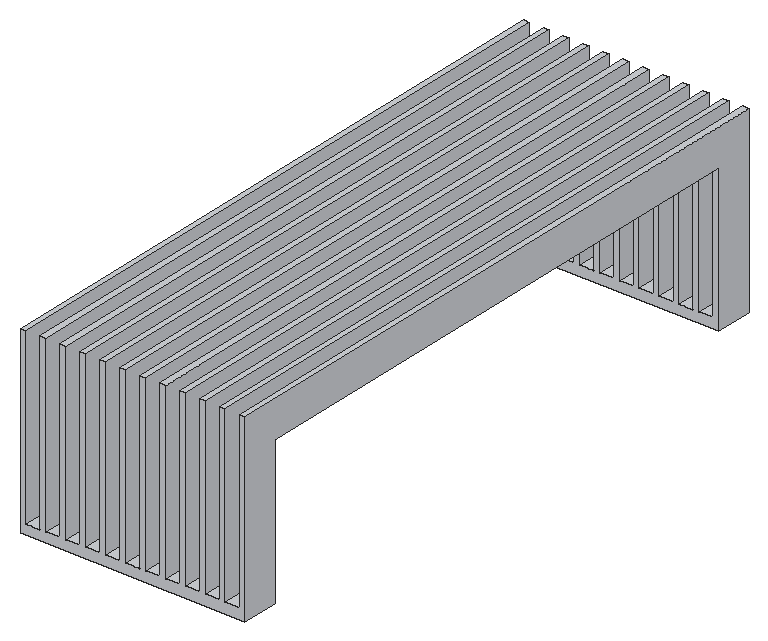
Revit family "LL12_R2016", category Generic Models, Revit 2016
Family settings
  Part Type = Normal
  Can host rebar = No
  Round Connector Dimension = Use Diameter
  OmniClass Number = 23.45.00.00
  OmniClass Title = Sanitary, Laundry, and Cleaning Equipment
  Work Plane-Based = No
  Always vertical = Yes
  Cut with Voids When Loaded = No
  Shared = No
  Room Calculation Point = No
Parameters
  Tube Length [instance] = 990 mm
  Length [instance] = 1200 mm
  Height = 350 mm
Reference planes
  plane 1: z = 0
  plane 2: z = 350
  plane 3: y = -26.341
  plane 4: y = -626.341
  plane 5: y = 573.659
Forms (mm)
  Extrusion 1, solid, not visible
    sketch origin (0, 0, 0) x (1, 0, 0) y (0, 1, 0)
      loop
        line (-495, -20) -> (-495, -31) -> (495, -31) -> (495, -20) -> (-495, -20)
    from 300 to 370
  Extrusion 2, solid, not visible
    sketch origin (0, 0, 0) x (1, 0, 0) y (0, 1, 0)
      loop
        line (-495, -20) -> (-495, -31) -> (495, -31) -> (495, -20) -> (-495, -20)
    from 300 to 370
  Extrusion 3, solid, not visible
    sketch origin (0, -24, 0) x (1, 0, 0) y (0, 1, 0)
      loop
        line (-495, -20) -> (-495, -31) -> (495, -31) -> (495, -20) -> (-495, -20)
    from 300 to 370
  Extrusion 4, solid, not visible
    sketch origin (0, -48, 0) x (1, 0, 0) y (0, 1, 0)
      loop
        line (-495, -20) -> (-495, -31) -> (495, -31) -> (495, -20) -> (-495, -20)
    from 300 to 370
  Extrusion 5, solid, not visible
    sketch origin (0, -72, 0) x (1, 0, 0) y (0, 1, 0)
      loop
        line (-495, -20) -> (-495, -31) -> (495, -31) -> (495, -20) -> (-495, -20)
    from 300 to 370
  Extrusion 6, solid, not visible
    sketch origin (0, -96, 0) x (1, 0, 0) y (0, 1, 0)
      loop
        line (-495, -20) -> (-495, -31) -> (495, -31) -> (495, -20) -> (-495, -20)
    from 300 to 370
  Extrusion 7, solid, not visible
    sketch origin (0, -120, 0) x (1, 0, 0) y (0, 1, 0)
      loop
        line (-495, -20) -> (-495, -31) -> (495, -31) -> (495, -20) -> (-495, -20)
    from 300 to 370
  Extrusion 8, solid, not visible
    sketch origin (0, -144, 0) x (1, 0, 0) y (0, 1, 0)
      loop
        line (-495, -20) -> (-495, -31) -> (495, -31) -> (495, -20) -> (-495, -20)
    from 300 to 370
  Extrusion 9, solid, not visible
    sketch origin (0, -168, 0) x (1, 0, 0) y (0, 1, 0)
      loop
        line (-495, -20) -> (-495, -31) -> (495, -31) -> (495, -20) -> (-495, -20)
    from 300 to 370
  Extrusion 10, solid, not visible
    sketch origin (0, -192, 0) x (1, 0, 0) y (0, 1, 0)
      loop
        line (-495, -20) -> (-495, -31) -> (495, -31) -> (495, -20) -> (-495, -20)
    from 300 to 370
  Extrusion 11, solid, not visible
    sketch origin (0, -216, 0) x (1, 0, 0) y (0, 1, 0)
      loop
        line (-495, -20) -> (-495, -31) -> (495, -31) -> (495, -20) -> (-495, -20)
    from 300 to 370
  Extrusion 12, solid, not visible
    sketch origin (0, -240, 0) x (1, 0, 0) y (0, 1, 0)
      loop
        line (-495, -20) -> (-495, -31) -> (495, -31) -> (495, -20) -> (-495, -20)
    from 300 to 370
  Extrusion 13, solid, not visible
    sketch origin (0, -264, 0) x (1, 0, 0) y (0, 1, 0)
      loop
        line (-495, -20) -> (-495, -31) -> (495, -31) -> (495, -20) -> (-495, -20)
    from 300 to 370
  Extrusion 14, solid, not visible
    sketch origin (0, -288, 0) x (1, 0, 0) y (0, 1, 0)
      loop
        line (-495, -20) -> (-495, -31) -> (495, -31) -> (495, -20) -> (-495, -20)
    from 300 to 370
  Extrusion 15, solid, not visible
    sketch origin (0, -312, 0) x (1, 0, 0) y (0, 1, 0)
      loop
        line (-495, -20) -> (-495, -31) -> (495, -31) -> (495, -20) -> (-495, -20)
    from 300 to 370
  Extrusion 16, solid
    sketch origin (0, 0, 0) x (0, 1, 0) y (0, 0, 1)
      loop
        line (573.659, 0) -> (573.659, 350) -> (-626.341, 350) -> (-626.341, 0) -> (-556.341, 0) -> (-556.341, 280) -> (503.659, 280) -> (503.659, 0) -> (573.659, 0)
    from 0 to 11
  Extrusion 17, solid
    sketch origin (38, 0, 0) x (0, 1, 0) y (0, 0, 1)
      loop
        line (573.659, 0) -> (573.659, 350) -> (-626.341, 350) -> (-626.341, 0) -> (-556.341, 0) -> (-556.341, 280) -> (503.659, 280) -> (503.659, 0) -> (573.659, 0)
    from 0 to 11
  Extrusion 18, solid
    sketch origin (76, 0, 0) x (0, 1, 0) y (0, 0, 1)
      loop
        line (573.659, 0) -> (573.659, 350) -> (-626.341, 350) -> (-626.341, 0) -> (-556.341, 0) -> (-556.341, 280) -> (503.659, 280) -> (503.659, 0) -> (573.659, 0)
    from 0 to 11
  Extrusion 19, solid
    sketch origin (114, 0, 0) x (0, 1, 0) y (0, 0, 1)
      loop
        line (573.659, 0) -> (573.659, 350) -> (-626.341, 350) -> (-626.341, 0) -> (-556.341, 0) -> (-556.341, 280) -> (503.659, 280) -> (503.659, 0) -> (573.659, 0)
    from 0 to 11
  Extrusion 20, solid
    sketch origin (152, 0, 0) x (0, 1, 0) y (0, 0, 1)
      loop
        line (573.659, 0) -> (573.659, 350) -> (-626.341, 350) -> (-626.341, 0) -> (-556.341, 0) -> (-556.341, 280) -> (503.659, 280) -> (503.659, 0) -> (573.659, 0)
    from 0 to 11
  Extrusion 21, solid
    sketch origin (190, 0, 0) x (0, 1, 0) y (0, 0, 1)
      loop
        line (573.659, 0) -> (573.659, 350) -> (-626.341, 350) -> (-626.341, 0) -> (-556.341, 0) -> (-556.341, 280) -> (503.659, 280) -> (503.659, 0) -> (573.659, 0)
    from 0 to 11
  Extrusion 22, solid
    sketch origin (228, 0, 0) x (0, 1, 0) y (0, 0, 1)
      loop
        line (573.659, 0) -> (573.659, 350) -> (-626.341, 350) -> (-626.341, 0) -> (-556.341, 0) -> (-556.341, 280) -> (503.659, 280) -> (503.659, 0) -> (573.659, 0)
    from 0 to 11
  Extrusion 23, solid
    sketch origin (0, 0, 0) x (1, 0, 0) y (0, 1, 0)
      loop
        line (0, -626.341) -> (429, -626.341) -> (429, -556.341) -> (0, -556.341) -> (0, -626.341)
      loop
        line (0, 503.659) -> (429, 503.659) -> (429, 573.659) -> (0, 573.659) -> (0, 503.659)
    from 0 to 20
  Extrusion 24, solid
    sketch origin (266, 0, 0) x (0, 1, 0) y (0, 0, 1)
      loop
        line (573.659, 0) -> (573.659, 350) -> (-626.341, 350) -> (-626.341, 0) -> (-556.341, 0) -> (-556.341, 280) -> (503.659, 280) -> (503.659, 0) -> (573.659, 0)
    from 0 to 11
  Extrusion 25, solid
    sketch origin (304, 0, 0) x (0, 1, 0) y (0, 0, 1)
      loop
        line (573.659, 0) -> (573.659, 350) -> (-626.341, 350) -> (-626.341, 0) -> (-556.341, 0) -> (-556.341, 280) -> (503.659, 280) -> (503.659, 0) -> (573.659, 0)
    from 0 to 11
  Extrusion 26, solid
    sketch origin (342, 0, 0) x (0, 1, 0) y (0, 0, 1)
      loop
        line (573.659, 0) -> (573.659, 350) -> (-626.341, 350) -> (-626.341, 0) -> (-556.341, 0) -> (-556.341, 280) -> (503.659, 280) -> (503.659, 0) -> (573.659, 0)
    from 0 to 11
  Extrusion 27, solid
    sketch origin (380, 0, 0) x (0, 1, 0) y (0, 0, 1)
      loop
        line (573.659, 0) -> (573.659, 350) -> (-626.341, 350) -> (-626.341, 0) -> (-556.341, 0) -> (-556.341, 280) -> (503.659, 280) -> (503.659, 0) -> (573.659, 0)
    from 0 to 11
  Extrusion 28, solid
    sketch origin (418, 0, 0) x (0, 1, 0) y (0, 0, 1)
      loop
        line (573.659, 0) -> (573.659, 350) -> (-626.341, 350) -> (-626.341, 0) -> (-556.341, 0) -> (-556.341, 280) -> (503.659, 280) -> (503.659, 0) -> (573.659, 0)
    from 0 to 11
Cuts and joins
  joined: Extrusion 16, Extrusion 17, Extrusion 18, Extrusion 19, Extrusion 20, Extrusion 21, Extrusion 22, Extrusion 23, Extrusion 24, Extrusion 25, Extrusion 26, Extrusion 27, Extrusion 28
Lines and regions (mm)
  reference lines
    curve 1: line (0, 665.378, 280) -> (0, -754.622, 280)
    curve 2: line (0, 503.659, 411.424) -> (0, 503.659, -138.576)
    curve 3: line (0, -556.341, 388.061) -> (0, -556.341, -81.939)
Dimensions and locks
  locked: Extrusion 1 sketch curve to Extrusion 1 sketch curve at 11
  locked: Extrusion 2 sketch curve to Extrusion 2 sketch curve at 11
  locked: Extrusion 3 sketch curve to Extrusion 3 sketch curve at 11
  equal spacing: group 2, group 3, group 4, group 5, group 6, group 7, group 8, group 9, group 10, group 11, group 12, group 13, group 14, group 15  (x2)
  equal spacing: group 15, group 14, group 13, group 12, group 11, group 10, group 9, group 8, group 7, group 6, group 5, group 4, group 3, group 2
  locked: Extrusion 4 sketch curve to Extrusion 4 sketch curve at 11
  locked: Extrusion 5 sketch curve to Extrusion 5 sketch curve at 11
  locked: Extrusion 6 sketch curve to Extrusion 6 sketch curve at 11
  locked: Extrusion 7 sketch curve to Extrusion 7 sketch curve at 11
  locked: Extrusion 8 sketch curve to Extrusion 8 sketch curve at 11
  locked: Extrusion 9 sketch curve to Extrusion 9 sketch curve at 11
  locked: Extrusion 10 sketch curve to Extrusion 10 sketch curve at 11
  locked: Extrusion 11 sketch curve to Extrusion 11 sketch curve at 11
  locked: Extrusion 12 sketch curve to Extrusion 12 sketch curve at 11
  locked: Extrusion 13 sketch curve to Extrusion 13 sketch curve at 11
  locked: Extrusion 14 sketch curve to Extrusion 14 sketch curve at 11
  locked: Extrusion 15 sketch curve to Extrusion 15 sketch curve at 11
  "Height": plane 2 to level
  equal spacing: plane 5, plane 3, plane 4
  "Length": plane 5 to plane 4
  locked: plane 2 to curve 1 at 70
  locked: curve 3 to plane 4 at 70
  locked: plane 5 to curve 2 at 70
  aligned and locked: level to plane 1
  aligned and locked: Extrusion 16 sketch curve to plane 2
  aligned and locked: Extrusion 16 sketch curve to plane 4
  aligned and locked: level to Extrusion 16 sketch curve  (x2)
  aligned and locked: Extrusion 16 sketch curve to curve 3
  aligned and locked: Extrusion 16 sketch curve to curve 1
  aligned and locked: curve 2 to Extrusion 16 sketch curve
  aligned and locked: Extrusion 16 sketch curve to plane 5
  aligned and locked: Extrusion 23 sketch curve to Extrusion 16  (x6)
  aligned and locked: Extrusion 23 sketch curve to Extrusion 28
  aligned and locked: Extrusion 28 to Extrusion 23 sketch curve
Automatic sketch dimensions
  Extrusion 1 sketch curve to Extrusion 1 sketch curve = 990 mm
  Extrusion 2 sketch curve to Extrusion 2 sketch curve = 990 mm
  Extrusion 3 sketch curve to Extrusion 3 sketch curve = 990 mm
  Extrusion 4 sketch curve to Extrusion 4 sketch curve = 990 mm
  Extrusion 5 sketch curve to Extrusion 5 sketch curve = 990 mm
  Extrusion 6 sketch curve to Extrusion 6 sketch curve = 990 mm
  Extrusion 7 sketch curve to Extrusion 7 sketch curve = 990 mm
  Extrusion 8 sketch curve to Extrusion 8 sketch curve = 990 mm
  Extrusion 9 sketch curve to Extrusion 9 sketch curve = 990 mm
  Extrusion 10 sketch curve to Extrusion 10 sketch curve = 990 mm
  Extrusion 11 sketch curve to Extrusion 11 sketch curve = 990 mm
  Extrusion 12 sketch curve to Extrusion 12 sketch curve = 990 mm
  Extrusion 13 sketch curve to Extrusion 13 sketch curve = 990 mm
  Extrusion 14 sketch curve to Extrusion 14 sketch curve = 990 mm
  Extrusion 15 sketch curve to Extrusion 15 sketch curve = 990 mm
  plane 4 to curve 1 = 128.281 mm
  curve 1 to plane 5 = 91.719 mm
  curve 3 to level = 81.939 mm
  curve 2 to level = 138.576 mm
  plane 2 to curve 3 = 38.061 mm
  plane 2 to curve 2 = 61.424 mm
  Extrusion 17 sketch curve to level = 0 mm  (x2)
  Extrusion 17 sketch curve to plane 4 = 0 mm
  Extrusion 17 sketch curve to plane 2 = 0 mm
  Extrusion 17 sketch curve to plane 5 = 0 mm
  Extrusion 17 sketch curve to plane 4 = 70 mm
  Extrusion 17 sketch curve to Extrusion 17 sketch curve = 70 mm
  Extrusion 17 sketch curve to plane 2 = 70 mm
  Extrusion 18 sketch curve to level = 0 mm  (x2)
  Extrusion 18 sketch curve to plane 4 = 0 mm
  Extrusion 18 sketch curve to plane 2 = 0 mm
  Extrusion 18 sketch curve to plane 5 = 0 mm
  Extrusion 18 sketch curve to plane 4 = 70 mm
  Extrusion 18 sketch curve to Extrusion 18 sketch curve = 70 mm
  Extrusion 18 sketch curve to plane 2 = 70 mm
  Extrusion 19 sketch curve to level = 0 mm  (x2)
  Extrusion 19 sketch curve to plane 4 = 0 mm
  Extrusion 19 sketch curve to plane 2 = 0 mm
  Extrusion 19 sketch curve to plane 5 = 0 mm
  Extrusion 19 sketch curve to plane 4 = 70 mm
  Extrusion 19 sketch curve to Extrusion 19 sketch curve = 70 mm
  Extrusion 19 sketch curve to plane 2 = 70 mm
  Extrusion 20 sketch curve to level = 0 mm  (x2)
  Extrusion 20 sketch curve to plane 4 = 0 mm
  Extrusion 20 sketch curve to plane 2 = 0 mm
  Extrusion 20 sketch curve to plane 5 = 0 mm
  Extrusion 20 sketch curve to plane 4 = 70 mm
  Extrusion 20 sketch curve to Extrusion 20 sketch curve = 70 mm
  Extrusion 20 sketch curve to plane 2 = 70 mm
  Extrusion 21 sketch curve to level = 0 mm  (x2)
  Extrusion 21 sketch curve to plane 4 = 0 mm
  Extrusion 21 sketch curve to plane 2 = 0 mm
  Extrusion 21 sketch curve to plane 5 = 0 mm
  Extrusion 21 sketch curve to plane 4 = 70 mm
  Extrusion 21 sketch curve to Extrusion 21 sketch curve = 70 mm
  Extrusion 21 sketch curve to plane 2 = 70 mm
  Extrusion 22 sketch curve to level = 0 mm  (x2)
  Extrusion 22 sketch curve to plane 4 = 0 mm
  Extrusion 22 sketch curve to plane 2 = 0 mm
  Extrusion 22 sketch curve to plane 5 = 0 mm
  Extrusion 22 sketch curve to plane 4 = 70 mm
  Extrusion 22 sketch curve to Extrusion 22 sketch curve = 70 mm
  Extrusion 22 sketch curve to plane 2 = 70 mm
  Extrusion 24 sketch curve to level = 0 mm  (x2)
  Extrusion 24 sketch curve to plane 4 = 0 mm
  Extrusion 24 sketch curve to plane 2 = 0 mm
  Extrusion 24 sketch curve to plane 5 = 0 mm
  Extrusion 24 sketch curve to plane 4 = 70 mm
  Extrusion 24 sketch curve to Extrusion 24 sketch curve = 70 mm
  Extrusion 24 sketch curve to plane 2 = 70 mm
  Extrusion 25 sketch curve to level = 0 mm  (x2)
  Extrusion 25 sketch curve to plane 4 = 0 mm
  Extrusion 25 sketch curve to plane 2 = 0 mm
  Extrusion 25 sketch curve to plane 5 = 0 mm
  Extrusion 25 sketch curve to plane 4 = 70 mm
  Extrusion 25 sketch curve to Extrusion 25 sketch curve = 70 mm
  Extrusion 25 sketch curve to plane 2 = 70 mm
  Extrusion 26 sketch curve to level = 0 mm  (x2)
  Extrusion 26 sketch curve to plane 4 = 0 mm
  Extrusion 26 sketch curve to plane 2 = 0 mm
  Extrusion 26 sketch curve to plane 5 = 0 mm
  Extrusion 26 sketch curve to plane 4 = 70 mm
  Extrusion 26 sketch curve to Extrusion 26 sketch curve = 70 mm
  Extrusion 26 sketch curve to plane 2 = 70 mm
  Extrusion 27 sketch curve to level = 0 mm  (x2)
  Extrusion 27 sketch curve to plane 4 = 0 mm
  Extrusion 27 sketch curve to plane 2 = 0 mm
  Extrusion 27 sketch curve to plane 5 = 0 mm
  Extrusion 27 sketch curve to plane 4 = 70 mm
  Extrusion 27 sketch curve to Extrusion 27 sketch curve = 70 mm
  Extrusion 27 sketch curve to plane 2 = 70 mm
  Extrusion 28 sketch curve to level = 0 mm  (x2)
  Extrusion 28 sketch curve to plane 4 = 0 mm
  Extrusion 28 sketch curve to plane 2 = 0 mm
  Extrusion 28 sketch curve to plane 5 = 0 mm
  Extrusion 28 sketch curve to plane 4 = 70 mm
  Extrusion 28 sketch curve to Extrusion 28 sketch curve = 70 mm
  Extrusion 28 sketch curve to plane 2 = 70 mm
